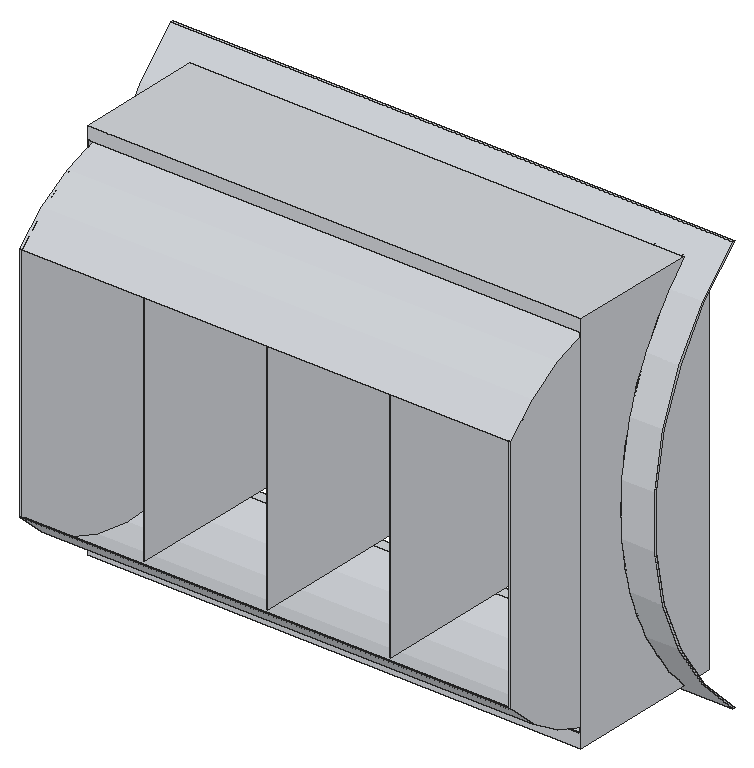
Revit family "ECOJET-15DIA-LENGTH", category Air Terminals, Revit 2018
Family settings
  Round Connector Dimension = Use Diameter
  Part Type = Normal
  Work Plane-Based = No
  Always vertical = Yes
  Cut with Voids When Loaded = No
  Shared = No
  Room Calculation Point = No
Parameters (values of type "ECOJET-20-15D")
  WIDOVER = 0' - 2 3/4"
  URL = "anemostat-hvac.com"
  Thickness = 0' - 0 1/16"
  RADIUS = 0' - 7 1/2"
  NORWID = NORMLENGTH - 0' 0 1/16"  # 1' - 7 15/16"
  NORMLENGTH = 1' - 8"
  NORHI = 1' - 3"
  Model = "ECOJET DRUM LOUVER"
  Manufacturer = "ANEMOSTAT-HVAC"
  INSIDECUT = NORMLENGTH - 0' 0 1/4"  # 1' - 7 3/4"
  IJOPENING = 1' - 1 7/8"
  HIOVER = 0' - 2"
  FRONTOPENDING = 0' - 9 3/4"
  DUCTWID = NORMLENGTH + 0' 1"  # 1' - 9"
  BOXWID = NORWID + WIDOVER  # 1' - 10 11/16"
  BOXHI = NORHI + 0' 1"  # 1' - 4"
  BLADE = (NORMLENGTH / ADIM) - 1  # 3
  ADIM = 0' - 5"
Types (9): name | NORWID | NORMLENGTH | INSIDECUT | DUCTWID | BOXWID | BLADE
  (no name) | 1' - 7 15/16" | 1' - 8" | 1' - 7 3/4" | 1' - 9" | 1' - 10 11/16" | 3
  ECOJET-15-15D | 1' - 2 15/16" | 1' - 3" | 1' - 2 3/4" | 1' - 4" | 1' - 5 11/16" | 2
  ECOJET-20-15D | 1' - 7 15/16" | 1' - 8" | 1' - 7 3/4" | 1' - 9" | 1' - 10 11/16" | 3
  ECOJET-25-15D | 2' - 0 15/16" | 2' - 1" | 2' - 0 3/4" | 2' - 2" | 2' - 3 11/16" | 4
  ECOJET-30-15D | 2' - 5 15/16" | 2' - 6" | 2' - 5 3/4" | 2' - 7" | 2' - 8 11/16" | 5
  ECOJET-40-15D | 3' - 3 15/16" | 3' - 4" | 3' - 3 3/4" | 3' - 5" | 3' - 6 11/16" | 7
  ECOJET-50-15D | 4' - 1 15/16" | 4' - 2" | 4' - 1 3/4" | 4' - 3" | 4' - 4 11/16" | 9
  ECOJET-60-15D | 4' - 11 15/16" | 5' - 0" | 4' - 11 3/4" | 5' - 1" | 5' - 2 11/16" | 11
  ECOJET-70-15D | 5' - 9 15/16" | 5' - 10" | 5' - 9 3/4" | 5' - 11" | 6' - 0 11/16" | 13
Reference planes (in)
  plane 1 "Center (Front/Back)": y = 0
  plane 2: z = 0
  plane 3 "Center (Left/Right)": x = 0
  plane 4 "REAR": y = 2.8125
  plane 5 "RIGHTSIDE": x = 9.96875
  plane 6 "FRONT": y = -5.5
  plane 7 "LEFTSIDE": x = -9.96875
  plane 8: z = 7.5
  plane 9: z = -7.5
  plane 10: z = 4.875
  plane 11 "INRIGHT": x = 9.90625
  plane 12: z = -4.875
  plane 13: x = -9.90625
  plane 14 "BLADE": x = -4.96875
  plane 15 "INLEFT": x = -9.90625
  plane 16: z = 6.9375
  plane 17: z = -6.9375
  plane 18: z = 7.5
  plane 19: z = -7.5
  plane 20: y = -5.4375
  plane 21: z = 6.875
  plane 22: z = -6.875
  plane 23: z = 7.4375
  plane 24: z = -7.4375
  plane 25: z = 7.3125
Forms (in)
  Extrusion 1, solid
    sketch origin (9.96875, 0, 0) x (0, 1, 0) y (0, 0, -1)
      loop
        line (-5.5, 4.875) -> (-5.5, -4.875)
        arc (-5.5, -4.875) -> (-1.67244, -7.22675) -> (2.8125, -6.96924) r 7.5
        line (2.8125, -6.96924) -> (2.8125, 6.9375)
        arc (2.8125, 6.9375) -> (-1.6671, 7.20945) -> (-5.5, 4.875) r 7.5
    from 0 to 19.9375 <- "NORWID"
  Extrusion 2, void
    sketch origin (-9.90625, 0, 0) x (0, 0, 1) y (0, -1, 0)
      loop
        line (4.875, 5.4375) -> (-4.875, 5.4375)
        arc (-4.875, 5.4375) -> (-7.16559, 1.62537) -> (-6.875, -2.8125) r 7.44714
        line (-6.875, -2.8125) -> (6.875, -2.8125)
        arc (6.875, -2.8125) -> (7.14711, 1.62089) -> (4.875, 5.4375) r 7.53615
    from 0 to 19.75 <- "INSIDECUT"
  Extrusion 3, void
    sketch origin (0, 0, 0) x (1, 0, 0) y (0, 0, 1)
      loop
        line (-9.90625, 4.875) -> (-9.90625, -4.875) -> (9.90625, -4.875) -> (9.90625, 4.875) -> (-9.90625, 4.875)
    from 0 to 31.9375
Cuts and joins
  Extrusion 2, Extrusion 3 cuts Extrusion 1
Dimensions and locks (in)
  equal spacing: plane 7 "LEFTSIDE", plane 3 "Center (Left/Right)", plane 5 "RIGHTSIDE"
  "NORWID": plane 7 "LEFTSIDE" to plane 5 "RIGHTSIDE"
  equal spacing: plane 8, level, plane 9
  "NORHI": plane 8 to plane 9
  equal spacing: plane 5 "RIGHTSIDE", plane 3 "Center (Left/Right)", plane 7 "LEFTSIDE"
  "Thickness": plane 11 "INRIGHT" to plane 5 "RIGHTSIDE"
  locked: plane 7 "LEFTSIDE" to plane 13 at 0.0625
  "ADIM": plane 14 "BLADE" to plane 7 "LEFTSIDE"
  plane 1 "Center (Front/Back)" to plane 4 "REAR" = 0' - 2 13/16"
  plane 6 "FRONT" to plane 1 "Center (Front/Back)" = 0' - 5 1/2"  (x2)
  locked: plane 4 "REAR" to plane 1 "Center (Front/Back)" at 2.8125
  "Thickness": plane 7 "LEFTSIDE" to plane 15 "INLEFT"
  equal spacing: plane 16, level, plane 17
  "IJOPENING": plane 16 to plane 17
  equal spacing: plane 10, level, plane 12
  "FRONTOPENDING": plane 10 to plane 12
  equal spacing: plane 18, level, plane 19
  "NORHI": plane 18 to plane 19
  "Thickness": plane 16 to plane 21
  "Thickness": plane 17 to plane 22
  "Thickness": plane 6 "FRONT" to plane 20
  "Thickness": plane 8 to plane 23
  "Thickness": plane 9 to plane 24
  equal spacing: group 1, group 2, group 3  (x3)
  "ADIM": nested 2 to plane 14 "BLADE"
  locked: plane 23 to plane 25 at 0.125
  aligned and locked: plane 2 to level
  aligned and locked: Extrusion 2 sketch curve to plane 4 "REAR"
  aligned and locked: Extrusion 3 sketch curve to plane 11 "INRIGHT"
  aligned and locked: Extrusion 3 sketch curve to plane 15 "INLEFT"
  aligned and locked: Extrusion 3 sketch curve to plane 10
  aligned and locked: Extrusion 3 sketch curve to plane 12
  aligned and locked: plane 14 "BLADE" to nested 1
  aligned and locked: nested 1 to plane 20
  aligned and locked: plane 3 "Center (Left/Right)" to nested 3
  aligned and locked: nested 3 to plane 1 "Center (Front/Back)"
  aligned and locked: plane 25 to nested 3
Automatic sketch dimensions
  Extrusion 1 sketch curve to plane 10 = 0' - 0"
  plane 12 to Extrusion 1 sketch curve = 0' - 0"
  plane 17 to Extrusion 1 sketch curve = 0' - 0"
  level to Extrusion 1 sketch curve = 0' - 0.06982"
  Extrusion 1 sketch curve to level = 0' - 0.04599"
  Extrusion 1 sketch curve to Extrusion 1 sketch curve = 0' - 0.02081"
  Extrusion 1 sketch curve to plane 6 "FRONT" = 0' - 0"
  Extrusion 1 sketch curve to plane 4 "REAR" = 0' - 0"
  plane 22 to Extrusion 2 sketch curve = 0' - 0"
  plane 12 to Extrusion 2 sketch curve = 0' - 0"
  Extrusion 2 sketch curve to plane 10 = 0' - 0"
  plane 21 to Extrusion 2 sketch curve = 0' - 0"
  Extrusion 2 sketch curve to plane 20 = 0' - 0"
  Extrusion 2 sketch curve to plane 1 "Center (Front/Back)" = 0' - 0.15463"
  level to Extrusion 2 sketch curve = 0' - 0.07192"
Nested families (in)
  nested 1: "BLADE-15" at (-4.96875, 0.9375, 0.55038), type "BLADE-15"
  nested 2: "BLADE-15" at (0.03125, 0.9375, 0.55038), type "BLADE-15"
  nested 3: "ECBOX-15" at (0, 1.25, 0), type "ECBOX-15"
    with NORWID 1' - 7 15/16", MOUNTINGWID 1' - 10 13/16", BOXWID 1' - 10 11/16", BOXLENGTH 1' - 8 1/16"
  nested 4: "BLADE-15" at (5.03125, 0.9375, 0.55038), type "BLADE-15"
Connectors (in)
  hvac at (0, 2.8125, 0.01587), driven by "BOXHI", driven by "NORMLENGTH"
    settings: on cut or joined group of Extrusion 1, Extrusion 2, Extrusion 3, index 1, duct flow 0 CFM, flow factor 0, pres drop 0.00 in-wg, loss coef 0, conn angle 0.00°, conn width 20", conn height 16", conn diameter 24", duct sys type 1, conn prof type 1, flow config 0, flow direction 0, loss method 0, conn ref index -1, conn util no, is conn primary yes, conn desc ""
Definition of nested family "BLADE-15"
  Parameters (values of type "BLADE-15")
    Width = 0' - 6 3/8"
    Thickness = 0' - 0 1/16"
    HEIGHT = 0' - 9 9/16"
  Reference planes (in)
    plane 1 "Center (Front/Back)": y = 0
    plane 2: z = 0
    plane 3 "Center (Left/Right)": x = 0
    plane 4: y = 3.1875
    plane 5: x = 0.03125
    plane 6: y = -3.1875
    plane 7: x = -0.03125
    plane 8: z = 4.26212
    plane 9: z = -5.30038
  Forms (in)
    Extrusion 1, solid
      sketch origin (0, 0, 0) x (1, 0, 0) y (0, 0, 1)
        loop
          line (-0.03125, 4.26212) -> (-0.03125, -5.30038) -> (0.03125, -5.30038) -> (0.03125, 4.26212) -> (-0.03125, 4.26212)
      from 0 to 6.375 <- "Width"
  Dimensions and locks (in)
    equal spacing: plane 7, plane 3 "Center (Left/Right)", plane 5
    equal spacing: plane 4, plane 1 "Center (Front/Back)", plane 6
    "Width": plane 4 to plane 6
    "Thickness": plane 7 to plane 5
    plane 8 to level to plane 9 = 0' - 4.26212", 0' - 5.30038"
    "HEIGHT": plane 8 to plane 9
    aligned and locked: plane 2 to level
    aligned and locked: Extrusion 1 sketch curve to plane 8
    aligned and locked: plane 7 to Extrusion 1 sketch curve
    aligned and locked: Extrusion 1 sketch curve to plane 9
    aligned and locked: Extrusion 1 sketch curve to plane 5
Definition of nested family "ECBOX-15"
  Parameters (values of type "ECBOX-15")
    WIDOVER = 0' - 2 3/4"
    RAD = MOUNTRAD - 0' 0 1/16"  # 0' - 10 15/16"
    NORWID = 2' - 7 15/16"
    NORHI = 1' - 3"
    MOUNTRAD = 0' - 11"
    MOUNTINGWID = BOXLENGTH + 0' 2 3/4"  # 2' - 10 13/16"
    MOUNTINGHI = NORHI + HIOVER  # 1' - 5"
    LENGTHOVER = 0' - 0 1/16"
    IJCENTER = 0' - 2"
    HIOVER = 0' - 2"
    FLANGE = 0' - 0 1/2"
    DRUMCENTER = 0' - 2"
    CENTERDRUM = 1.06
    BOXWID = NORWID + WIDOVER  # 2' - 10 11/16"
    BOXLENGTH = NORWID + LENGTHOVER + 0' 0 1/16"  # 2' - 8 1/16"
    BOXHI = NORHI + 0' 0 5/8"  # 1' - 3 5/8"
    BOX = BDIM - LENGTHOVER  # 0' - 6 7/16"
    BDIM = 0' - 6 1/2"
  Reference planes (in)
    plane 1 "Center (Front/Back)": y = 0
    plane 2: z = 0
    plane 3 "Center (Left/Right)": x = 0
    plane 4: y = 3.25
    plane 5: x = 16.03125
    plane 6: y = -3.25
    plane 7: x = -16.03125
    plane 8: z = 7.8125
    plane 9: z = -7.8125
    plane 10: y = -1.25
    plane 11: z = 8.5
    plane 12: z = -8.5
    plane 13: y = 2.25
    plane 14 "MTGRIGHT": x = 17.40625
    plane 15 "MTGLEFT": x = -17.40625
    plane 16: y = 2.8125
    plane 17: y = 2.71875
    plane 18: x = 15.96875
    plane 19: z = -7.75
    plane 20: x = -15.96875
    plane 21: z = 7.75
  Forms (in)
    Extrusion 1, solid
      sketch origin (-61.38008, 3.25, 48) x (-1, 0, 0) y (0, 0, -1)
        loop
          line (-45.34883, 40.1875) -> (-45.34883, 55.8125) -> (-77.41133, 55.8125) -> (-77.41133, 40.1875) -> (-45.34883, 40.1875)
      from 0 to 6.5 <- "BDIM"
    Extrusion 2, void
      sketch origin (-61.38008, -3.25, 48) x (1, 0, 0) y (0, 0, -1)
        loop
          line (45.41133, 40.6875) -> (77.34883, 40.6875) -> (77.34883, 55.3125) -> (45.41133, 55.3125) -> (45.41133, 40.6875)
      from 0 to 11 <- "MOUNTRAD"
    Extrusion 3, solid
      sketch origin (17.40625, 0, 0) x (0, 0, -1) y (0, -1, 0)
        loop
          line (-8.5, -2.71875) -> (-8.5, -2.8125)
          arc (-8.5, -2.8125) -> (0, 1.24177) -> (8.5, -2.8125) r 10.9375
          line (8.5, -2.8125) -> (8.5, -2.71875)
          arc (8.5, -2.71875) -> (0, 1.29913) -> (-8.5, -2.71875) r 11
      from 0 to 34.8125 <- "MOUNTINGWID"
    Extrusion 4, void
      sketch origin (-61.38008, 3.25, 48) x (-1, 0, 0) y (0, 0, -1)
        loop
          line (-77.34883, 40.25) -> (-45.41133, 40.25) -> (-45.41133, 55.75) -> (-77.34883, 55.75) -> (-77.34883, 40.25)
      from 0 to 6.4375 <- "BOX"
    Extrusion 5, void
      sketch origin (-61.38008, 3.25, 48) x (-1, 0, 0) y (0, 0, -1)
        loop
          line (-77.34883, 40.25) -> (-45.41133, 40.25) -> (-45.41133, 55.75) -> (-77.34883, 55.75) -> (-77.34883, 40.25)
      from 0 to 6.4375 <- "BOX"
  Cuts and joins
    Extrusion 2, Extrusion 4, Extrusion 5 cuts Extrusion 1
    Extrusion 5 cuts Extrusion 3
    joined: Extrusion 1, Extrusion 3
  Dimensions and locks (in)
    equal spacing: plane 7, plane 3 "Center (Left/Right)", plane 5
    "BOXLENGTH": plane 7 to plane 5
    equal spacing: plane 4, plane 1 "Center (Front/Back)", plane 6
    "BDIM": plane 4 to plane 6
    equal spacing: plane 8, level, plane 9
    "BOXHI": plane 8 to plane 9
    equal spacing: plane 5, plane 3 "Center (Left/Right)", plane 7
    equal spacing: plane 6, plane 1 "Center (Front/Back)", plane 4
    plane 6 to plane 4 = 0' - 6 1/2"  (x2)
    "DRUMCENTER": plane 6 to plane 10
    "LENGTHOVER": plane 5 to Extrusion 2 sketch curve
    "FLANGE": Extrusion 2 sketch curve to plane 9
    "LENGTHOVER": Extrusion 2 sketch curve to plane 7
    "FLANGE": plane 8 to Extrusion 2 sketch curve
    equal spacing: plane 11, level, plane 12
    "MOUNTINGHI": plane 11 to plane 12
    plane 13 to plane 4 = 0' - 1"
    equal spacing: plane 14 "MTGRIGHT", plane 3 "Center (Left/Right)", plane 15 "MTGLEFT"
    "MOUNTINGWID": plane 14 "MTGRIGHT" to plane 15 "MTGLEFT"
    locked: plane 16 to plane 4 at 0.4375
    plane 17 to plane 16 = 0' - 0 3/32"
    "LENGTHOVER": plane 21 to plane 8
    "LENGTHOVER": plane 20 to plane 7
    "LENGTHOVER": plane 9 to plane 19
    "LENGTHOVER": plane 5 to plane 18
    equal spacing: Extrusion 5 sketch curve, level, Extrusion 5 sketch curve
    "MOUNTRAD": radius of Extrusion 3 sketch curve
    "RAD": radius of Extrusion 3 sketch curve
    aligned and locked: plane 2 to level
    aligned and locked: Extrusion 1 sketch curve to plane 8
    aligned and locked: plane 7 to Extrusion 1 sketch curve
    aligned and locked: Extrusion 1 sketch curve to plane 9
    aligned and locked: Extrusion 1 sketch curve to plane 5
    aligned and locked: Extrusion 4 sketch curve to plane 21
    aligned and locked: Extrusion 4 sketch curve to plane 18
    aligned and locked: Extrusion 4 sketch curve to plane 19
    aligned and locked: Extrusion 4 sketch curve to plane 20
    aligned and locked: cut or joined group of Extrusion 1, Extrusion 2, Extrusion 3, Extrusion 4, Extrusion 5 to Extrusion 5 sketch curve  (x2)
    aligned and locked: Extrusion 5 sketch curve to plane 21
  Automatic sketch dimensions
    Extrusion 3 sketch curve to plane 11 = 0' - 0"
    Extrusion 3 sketch curve to level = 0' - 0"  (x2)
    plane 12 to Extrusion 3 sketch curve = 0' - 0"
    Extrusion 3 sketch curve to plane 16 = 0' - 0"
    Extrusion 3 sketch curve to plane 17 = 0' - 0"
